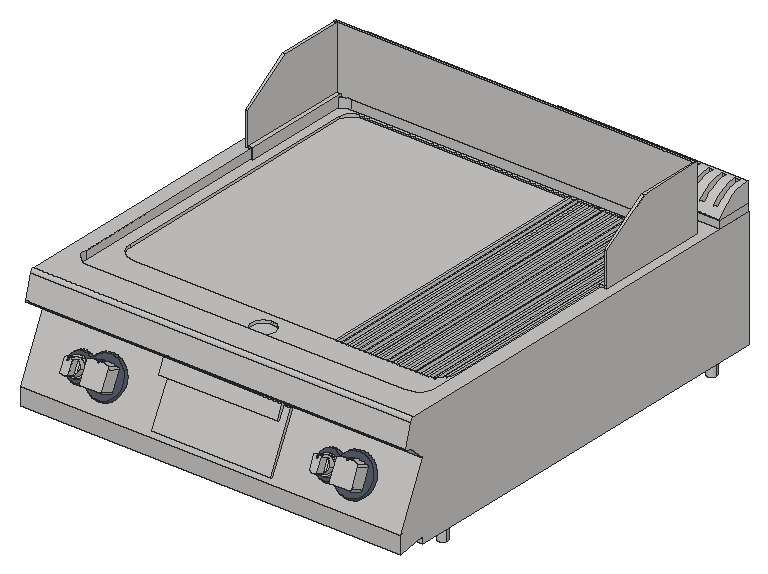
Revit family "QF_ZANUSSI_392401_Z9IINAAOMEA", category Specialty Equipment, Revit 2018
Family settings
  Round Connector Dimension = Use Diameter
  Part Type = Normal
  Work Plane-Based = No
  Always vertical = Yes
  Cut with Voids When Loaded = No
  Shared = No
  Room Calculation Point = No
Parameters
  Width = 800 mm  # constant formula
  Weight in Pounds = 105  # constant formula
  Weight = 0.00 kg
  Watts = 0 W
  Volts = 0 V
  URL Manufacturer = "http://www.zanussiprofessional.com"
  URL Cutsheet = "www.electrolux.com/foodservice"
  URL = "http://www.zanussiprofessional.com"
  Type Mark [instance] = ""
  Steam Supply Size = 0"
  Steam Supply Minimum Pressure = 0.00 psi
  Steam Supply Maximum Pressure = 0.00 psi
  Steam Pounds per Hour = 0
  Status [instance] = ""
  Specification by User [instance] = ""
  Specification by Manufacturer = ""
  Show Logo [instance] = yes
  Show Clearance [instance] = yes
  Serial Number = ""
  Seismic Rating = ""
  SMACNA No = ""
  Revision Code [instance] = ""
  Refrigeration Suction Line Size = 0"
  Refrigeration Liquid Line Size = 0"
  Refrigerant Compressor Remote = yes
  Phase = 0
  Omniclass Number and Title = ""
  NAFEM Spec ID Number = ""
  Model = "Z9FTGHSP00"
  Mechanical Remarks [instance] = ""
  Mechanical Connection Type [instance] = ""
  Masterspec = ""
  Manufacturer = "Zanussi"
  Length Actual = 800 mm  # constant formula
  Item Number [instance] = "392051"
  Installed By [instance] = ""
  Identify Quantity as Lot [instance] = yes
  Hot Water Size = 0"
  Height Actual = 250 mm  # constant formula
  Height = 410 mm  # constant formula
  HP = "0 HP"
  Gas Size = 1/2"
  Gas RI Height [instance] = 0 mm
  Gas KW [instance] = 20
  Gas Input [instance] = 0.672036 Btu/h
  Gas Connection Height = 0 mm
  Furnished By [instance] = ""
  Foodservice Equipment Identifier [instance] = yes
  Direct Waste Size = 0"
  Description = "GAS FRYTOP SMOOTH+RIBB.SLOPED PL.800 MM"
  Depth Actual = 900 mm  # constant formula
  Depth = 915 mm  # constant formula
  Cycle = 0 Hz
  Condensate Return Size = 0"
  Compressed Air Volume = 0 GPM
  Compressed Air Size = 0"
  Compressed Air Pressure = 0.00 psi
  Cold Water Size = 0"
  CSI MasterFormat = ""
  CSI Master Format = ""
  Base Height [instance] = 24 mm  # constant formula
  Accessory = yes
Reference planes
  plane 1 "BACK": y = 0
  plane 2: z = 0
  plane 3 "LEFT": x = 0
  plane 4 "RIGHT": x = 800
  plane 5 "FRONT": y = -915
  plane 6 "TOP": z = 410
  plane 7 "Center Y": x = 400
  plane 8 "Center X": y = -457.5
  plane 9 "BASE": z = 24
  plane 10: y = -790
  plane 11: y = -82
  plane 12: x = 348
  plane 13: y = -1045
  plane 14: z = 274
  plane 15: y = -664
  plane 16: y = -346.873
  plane 17: y = -900
  plane 18: through (-6096, -854.982, 185.364) normal (0, -0.8956, 0.4448)
Forms (mm)
  Extrusion 1, solid, material "QF_Clearances", visible <- "Show Clearance", detail levels coarse
    sketch origin (0, 0, 0) x (1, 0, 0) y (0, 1, 0)
      loop
        line (0, -915) -> (0, 0) -> (800.05, 0) -> (800.05, -915) -> (900.069, -915) -> (900.069, 100.019) -> (-100.019, 100.019) -> (-100.019, -915) -> (0, -915)
    from 0 to 410
  Extrusion 2, solid, material "QF_Finishes_Stainless Steel"
    sketch origin (0, 0, 0) x (0, 1, 0) y (0, 0, 1)
      loop
        line (0, 24) -> (0, 274) -> (-879.358, 274)
        arc (-879.358, 274) -> (-884.643, 271.811) -> (-886.833, 266.526) r 7.474
        line (-886.833, 266.526) -> (-899.884, 221.011)
        arc (-899.884, 221.011) -> (-899.396, 218.379) -> (-897, 217.184) r 3
        line (-897, 217.184) -> (-886.802, 217.184) -> (-854.982, 185.364) -> (-915, 64.508) -> (-915, 29.508) -> (-858.645, 37.428)
        arc (-858.645, 37.428) -> (-856.101, 36.674) -> (-855, 34.259) r 3.2
        line (-855, 34.259) -> (-855, 24) -> (0, 24)
    from 0 to 800
  Extrusion 3, void
    sketch origin (0, -202.381, 275.4) x (-1, 0, 0) y (0, -1, 0)
      loop
        arc (-55.4, -88.381) -> (-37.439, -80.942) -> (-30, -62.981) r 25.4
        line (-30, -62.981) -> (-30, 578.98)
        arc (-30, 578.98) -> (-40.99, 605.513) -> (-67.523, 616.504) r 37.523
        line (-67.523, 616.504) -> (-732.477, 616.504)
        arc (-732.477, 616.504) -> (-759.01, 605.513) -> (-770, 578.98) r 37.523
        line (-770, 578.98) -> (-770, -62.981)
        arc (-770, -62.981) -> (-762.561, -80.942) -> (-744.6, -88.381) r 25.4
        line (-744.6, -88.381) -> (-55.4, -88.381)
    from 0 to -20
  Extrusion 4, solid, material "QF_Finishes_Stainless Steel"
    sketch origin (0, -200, 0) x (1, 0, 0) y (0, 1, 0)
      loop
        circle (11.112, 118) r 9.525
      loop
        circle (11.112, -590) r 9.525
      loop
        circle (788.887, 118) r 9.525
      loop
        circle (788.888, -590) r 9.525
    from 0 to 24
  Extrusion 5, solid, material "QF_Finishes_Stainless Steel"
    sketch origin (0, 0, 24) x (-1, 0, 0) y (0, 1, 0)
      loop
        circle (-748, -664) r 6.4
    from 0 to 18
  Extrusion 6, solid, material "QF_Finishes_Stainless Steel"
    sketch origin (0, 0, 0) x (0, -1, 0) y (0, 0, 1)
      loop
        line (74.012, 274) -> (74.012, 289) -> (0, 289) -> (0, 274) -> (74.012, 274)
    from 0 to -400.05
  Extrusion 7, solid, material "QF_Finishes_Stainless Steel"
    sketch origin (0, 0, 0) x (0, 1, 0) y (0, 0, 1)
      loop
        line (0, 289) -> (0, 331.913)
        arc (0, 331.913) -> (-42.275, 321.697) -> (-74.012, 291.959) r 85.267
        line (-74.012, 291.959) -> (-74.012, 289) -> (0, 289)
    from 0 to 400
  Extrusion 8, void
    sketch origin (0, 0, 273.238) x (-1, 0, 0) y (0, -1, 0)
      loop
        line (-13.453, 6.761) -> (-13.453, 62.911) -> (-22.749, 62.911) -> (-22.749, 6.761) -> (-13.453, 6.761)
    from 25.4 to 63.5
  Extrusion 9, void
    sketch origin (400.05, 0, 273.238) x (1, 0, 0) y (0, 1, 0)
      loop
        line (-13.503, -6.761) -> (-22.799, -6.761) -> (-22.799, -62.911) -> (-13.503, -62.911) -> (-13.503, -6.761)
    from 25.4 to 63.5
  Extrusion 10, void
    sketch origin (27.988, 0, 273.238) x (-1, 0, 0) y (0, -1, 0)
      loop
        line (-13.453, 6.761) -> (-13.453, 62.911) -> (-22.749, 62.911) -> (-22.749, 6.761) -> (-13.453, 6.761)
    from 25.4 to 63.5
  Extrusion 11, void
    sketch origin (55.977, 0, 273.238) x (-1, 0, 0) y (0, -1, 0)
      loop
        line (-13.453, 6.761) -> (-13.453, 62.911) -> (-22.749, 62.911) -> (-22.749, 6.761) -> (-13.453, 6.761)
    from 25.4 to 63.5
  Extrusion 12, void
    sketch origin (83.965, 0, 273.238) x (-1, 0, 0) y (0, -1, 0)
      loop
        line (-13.428, 6.761) -> (-13.428, 62.911) -> (-22.724, 62.911) -> (-22.724, 6.761) -> (-13.428, 6.761)
    from 25.4 to 63.5
  Extrusion 13, void
    sketch origin (111.953, 0, 273.238) x (-1, 0, 0) y (0, -1, 0)
      loop
        line (-13.428, 6.761) -> (-13.428, 62.911) -> (-22.724, 62.911) -> (-22.724, 6.761) -> (-13.428, 6.761)
    from 25.4 to 63.5
  Extrusion 14, void
    sketch origin (139.942, 0, 273.238) x (-1, 0, 0) y (0, -1, 0)
      loop
        line (-13.428, 6.761) -> (-13.428, 62.911) -> (-22.724, 62.911) -> (-22.724, 6.761) -> (-13.428, 6.761)
    from 25.4 to 63.5
  Extrusion 15, void
    sketch origin (167.93, 0, 273.238) x (-1, 0, 0) y (0, -1, 0)
      loop
        line (-13.428, 6.761) -> (-13.428, 62.911) -> (-22.724, 62.911) -> (-22.724, 6.761) -> (-13.428, 6.761)
    from 25.4 to 63.5
  Extrusion 16, void
    sketch origin (307.872, 0, 273.238) x (-1, 0, 0) y (0, -1, 0)
      loop
        line (-13.403, 6.761) -> (-13.403, 62.911) -> (-22.699, 62.911) -> (-22.699, 6.761) -> (-13.403, 6.761)
    from 25.4 to 63.5
  Extrusion 17, void
    sketch origin (335.86, 0, 273.238) x (-1, 0, 0) y (0, -1, 0)
      loop
        line (-13.403, 6.761) -> (-13.403, 62.911) -> (-22.699, 62.911) -> (-22.699, 6.761) -> (-13.403, 6.761)
    from 25.4 to 63.5
  Extrusion 18, void
    sketch origin (228.013, 0, 273.238) x (-1, 0, 0) y (0, -1, 0)
      loop
        line (-13.428, 6.761) -> (-13.428, 62.911) -> (-22.724, 62.911) -> (-22.724, 6.761) -> (-13.428, 6.761)
    from 25.4 to 63.5
  Extrusion 19, void
    sketch origin (256.002, 0, 273.238) x (-1, 0, 0) y (0, -1, 0)
      loop
        line (-13.428, 6.761) -> (-13.428, 62.911) -> (-22.724, 62.911) -> (-22.724, 6.761) -> (-13.428, 6.761)
    from 25.4 to 63.5
  Extrusion 20, void
    sketch origin (283.99, 0, 273.238) x (-1, 0, 0) y (0, -1, 0)
      loop
        line (-13.403, 6.761) -> (-13.403, 62.911) -> (-22.699, 62.911) -> (-22.699, 6.761) -> (-13.403, 6.761)
    from 25.4 to 63.5
  Extrusion 21, void
    sketch origin (200.025, 0, 273.238) x (-1, 0, 0) y (0, -1, 0)
      loop
        line (-13.428, 6.761) -> (-13.428, 62.911) -> (-22.724, 62.911) -> (-22.724, 6.761) -> (-13.428, 6.761)
    from 25.4 to 63.5
  Extrusion 22, void
    sketch origin (0, -202.381, 255.4) x (0, -1, 0) y (-1, 0, 0)
      loop
        arc (-57.619, -55) -> (-75.579, -62.439) -> (-83.019, -80.4) r 25.4
        line (-83.019, -80.4) -> (-83.019, -719.6)
        arc (-83.019, -719.6) -> (-75.579, -737.561) -> (-57.619, -745) r 25.4
        line (-57.619, -745) -> (493.98, -745)
        arc (493.98, -745) -> (520.513, -734.01) -> (531.504, -707.477) r 37.523
        line (531.504, -707.477) -> (531.504, -92.523)
        arc (531.504, -92.523) -> (520.513, -65.99) -> (493.98, -55) r 37.523
        line (493.98, -55) -> (-57.619, -55)
      loop
        circle (572.619, -400) r 25
    from 0 to 5
  Extrusion 23, void
    sketch origin (785, 0, 275) x (0, 0, -1) y (0, -1, 0)
      loop
        line (-70, 346.873) -> (-135, 346.873) -> (-135, 246.781) -> (-70, 346.873)
    from 0 to 12.7
  Extrusion 24, void
    sketch origin (25, 0, 292.959) x (0, 0, -1) y (0, -1, 0)
      loop
        line (-52.041, 346.873) -> (-117.041, 346.873) -> (-117.041, 246.781) -> (-52.041, 346.873)
    from 0 to 12.7
  Extrusion 25, solid, material "QF_Finishes_Stainless Steel"
    sketch origin (0, -110, 275) x (0, 0, -1) y (-1, 0, 0)
      loop
        line (-135, -20) -> (-135, -780) -> (1, -780) -> (1, -20) -> (-135, -20)
    from 0 to -5
  Extrusion 26, solid, material "QF_Finishes_Stainless Steel"
    sketch origin (800, 0, 0) x (0, -1, 0) y (0, 0, -1)
      loop
        line (74.012, -274) -> (0, -274) -> (0, -289) -> (74.012, -289) -> (74.012, -274)
    from 0 to -400.05
  Extrusion 27, solid, material "QF_Finishes_Stainless Steel"
    sketch origin (800, 0, 0) x (0, 1, 0) y (0, 0, -1)
      loop
        line (0, -289) -> (-74.012, -289) -> (-74.012, -291.959)
        arc (-74.012, -291.959) -> (-42.486, -322.301) -> (0, -332.762) r 84.334
        line (0, -332.762) -> (0, -289)
    from 0 to 400
  Extrusion 28, void
    sketch origin (800, 0, 273.238) x (1, 0, 0) y (0, 1, 0)
      loop
        line (-13.453, -6.761) -> (-22.749, -6.761) -> (-22.749, -62.911) -> (-13.453, -62.911) -> (-13.453, -6.761)
    from 25.4 to 63.5
  Extrusion 29, void
    sketch origin (399.95, 0, 273.238) x (-1, 0, 0) y (0, -1, 0)
      loop
        line (-13.503, 6.761) -> (-13.503, 62.911) -> (-22.799, 62.911) -> (-22.799, 6.761) -> (-13.503, 6.761)
    from 25.4 to 63.5
  Extrusion 30, void
    sketch origin (772.012, 0, 273.238) x (1, 0, 0) y (0, 1, 0)
      loop
        line (-13.453, -6.761) -> (-22.749, -6.761) -> (-22.749, -62.911) -> (-13.453, -62.911) -> (-13.453, -6.761)
    from 25.4 to 63.5
  Extrusion 31, void
    sketch origin (744.023, 0, 273.238) x (1, 0, 0) y (0, 1, 0)
      loop
        line (-13.453, -6.761) -> (-22.749, -6.761) -> (-22.749, -62.911) -> (-13.453, -62.911) -> (-13.453, -6.761)
    from 25.4 to 63.5
  Extrusion 32, void
    sketch origin (716.035, 0, 273.238) x (1, 0, 0) y (0, 1, 0)
      loop
        line (-13.428, -6.761) -> (-22.724, -6.761) -> (-22.724, -62.911) -> (-13.428, -62.911) -> (-13.428, -6.761)
    from 25.4 to 63.5
  Extrusion 33, void
    sketch origin (688.047, 0, 273.238) x (1, 0, 0) y (0, 1, 0)
      loop
        line (-13.428, -6.761) -> (-22.724, -6.761) -> (-22.724, -62.911) -> (-13.428, -62.911) -> (-13.428, -6.761)
    from 25.4 to 63.5
  Extrusion 34, void
    sketch origin (660.058, 0, 273.238) x (1, 0, 0) y (0, 1, 0)
      loop
        line (-13.428, -6.761) -> (-22.724, -6.761) -> (-22.724, -62.911) -> (-13.428, -62.911) -> (-13.428, -6.761)
    from 25.4 to 63.5
  Extrusion 35, void
    sketch origin (632.07, 0, 273.238) x (1, 0, 0) y (0, 1, 0)
      loop
        line (-13.428, -6.761) -> (-22.724, -6.761) -> (-22.724, -62.911) -> (-13.428, -62.911) -> (-13.428, -6.761)
    from 25.4 to 63.5
  Extrusion 36, void
    sketch origin (492.128, 0, 273.238) x (1, 0, 0) y (0, 1, 0)
      loop
        line (-13.403, -6.761) -> (-22.699, -6.761) -> (-22.699, -62.911) -> (-13.403, -62.911) -> (-13.403, -6.761)
    from 25.4 to 63.5
  Extrusion 37, void
    sketch origin (464.14, 0, 273.238) x (1, 0, 0) y (0, 1, 0)
      loop
        line (-13.403, -6.761) -> (-22.699, -6.761) -> (-22.699, -62.911) -> (-13.403, -62.911) -> (-13.403, -6.761)
    from 25.4 to 63.5
  Extrusion 38, void
    sketch origin (571.987, 0, 273.238) x (1, 0, 0) y (0, 1, 0)
      loop
        line (-13.428, -6.761) -> (-22.724, -6.761) -> (-22.724, -62.911) -> (-13.428, -62.911) -> (-13.428, -6.761)
    from 25.4 to 63.5
  Extrusion 39, void
    sketch origin (543.998, 0, 273.238) x (1, 0, 0) y (0, 1, 0)
      loop
        line (-13.428, -6.761) -> (-22.724, -6.761) -> (-22.724, -62.911) -> (-13.428, -62.911) -> (-13.428, -6.761)
    from 25.4 to 63.5
  Extrusion 40, void
    sketch origin (516.01, 0, 273.238) x (1, 0, 0) y (0, 1, 0)
      loop
        line (-13.403, -6.761) -> (-22.699, -6.761) -> (-22.699, -62.911) -> (-13.403, -62.911) -> (-13.403, -6.761)
    from 25.4 to 63.5
  Extrusion 41, void
    sketch origin (599.975, 0, 273.238) x (1, 0, 0) y (0, 1, 0)
      loop
        line (-13.428, -6.761) -> (-22.724, -6.761) -> (-22.724, -62.911) -> (-13.428, -62.911) -> (-13.428, -6.761)
    from 25.4 to 63.5
  Extrusion 42, solid, material "QF_Finishes_Stainless Steel"
    sketch origin (0, 0, 274) x (0, 0, -1) y (-1, 0, 0)
      loop
        line (19.6, -30) -> (0, -30) -> (0, -20) -> (-135, -20) -> (-135, -25) -> (-5, -25) -> (-5, -35) -> (19.6, -35) -> (19.6, -30)
      loop
        line (19.6, -770) -> (19.6, -765) -> (-5, -765) -> (-5, -775) -> (-135, -775) -> (-135, -780) -> (0, -780) -> (0, -770) -> (19.6, -770)
    from -110 to -346.873
  Blend 43, solid, material "QF_Finishes_Navy Blue"
    base sketch origin (156.419, -884.991, 124.936) x (1, 0, 0) y (0, 0.444781, 0.895639)
      loop
        arc (-35.05, -24.037) -> (42.5, 0) -> (-35.05, 24.037) r 42.5
        arc (-35.05, 24.037) -> (-83, 0) -> (-35.05, -24.037) r 30
    top sketch origin (156.419, -884.991, 124.936) x (1, 0, 0) y (0, 0.444781, 0.895639)
      loop
        arc (-34.578, -21.086) -> (40.5, 0) -> (-34.578, 21.086) r 40.5
        arc (-34.578, 21.086) -> (-81, 0) -> (-34.578, -21.086) r 28
    from 0 to 5
  Extrusion 44, solid, material "QF_Finishes_Stainless Steel"
    sketch origin (-76.081, -884.991, 124.936) x (1, 0, 0) y (0, 0.444781, 0.895639)
      loop
        circle (177.499, -0.341) r 20
    from 5 to 10
  Extrusion 45, solid, material "QF_Finishes_Stainless Steel"
    sketch origin (-76.081, -884.991, 124.936) x (1, 0, 0) y (0, 0.444781, 0.895639)
      loop
        arc (211.353, 22.789) -> (210.006, 21.685) -> (209.5, 20.019) r 2.997
        line (209.5, 20.019) -> (209.5, -20.019)
        arc (209.5, -20.019) -> (210.378, -22.138) -> (212.497, -23.016) r 2.997
        line (212.497, -23.016) -> (252.503, -23.016)
        arc (252.503, -23.016) -> (254.622, -22.138) -> (255.5, -20.019) r 2.997
        line (255.5, -20.019) -> (255.5, 20.019)
        arc (255.5, 20.019) -> (254.994, 21.685) -> (253.647, 22.789) r 2.997
        arc (253.647, 22.789) -> (232.5, 26.984) -> (211.353, 22.789) r 55.4
    from 5 to 34
  Extrusion 46, solid, material "QF_Finishes_Stainless Steel"
    sketch origin (-76.081, -884.991, 124.936) x (1, 0, 0) y (0, 0.444781, 0.895639)
      loop
        circle (177.499, -0.341) r 16
    from 10 to 40
  Extrusion 47, void
    sketch origin (156.419, -884.991, 124.936) x (1, 0, 0) y (0, -0.895639, 0.444781)
      loop
        line (-62.999, 24.837) -> (-62.999, 40) -> (-71.893, 40) -> (-71.893, 22) -> (-65.835, 22)
        arc (-65.835, 22) -> (-63.827, 22.828) -> (-62.999, 24.837) r 2.827
      loop
        arc (-47.003, 24.837) -> (-46.175, 22.828) -> (-44.167, 22) r 2.827
        line (-44.167, 22) -> (-38.109, 22) -> (-38.109, 40) -> (-47.003, 40) -> (-47.003, 24.837)
    from -20.019 to 20.019
  Extrusion 48, solid, material "QF_Plastic-Black-Matte"
    sketch origin (213.919, -884.991, 124.936) x (0, 0.444781, 0.895639) y (0, -0.895639, 0.444781)
      loop
        line (26.984, 34) -> (26.984, 19) -> (27.984, 19) -> (27.984, 34)
        arc (27.984, 34) -> (27.691, 34.707) -> (26.984, 35) r 1
        line (26.984, 35) -> (23.984, 35) -> (23.984, 34) -> (26.984, 34)
    from -58.5 to -56.5
  Extrusion 49, solid, material "QF_Plastic-Black-Matte"
    sketch origin (101.418, -1018.425, -143.756) x (0, -0.444781, -0.895639) y (0, -0.895639, 0.444781)
      loop
        line (-310.284, 39.984) -> (-310.284, 40.984) -> (-312.9, 40.984)
        arc (-312.9, 40.984) -> (-315.562, 39.882) -> (-316.664, 37.22) r 3.764
        line (-316.664, 37.22) -> (-316.664, 25.027) -> (-315.664, 25.027) -> (-315.664, 37.22)
        arc (-315.664, 37.22) -> (-314.855, 39.175) -> (-312.9, 39.984) r 2.764
        line (-312.9, 39.984) -> (-310.284, 39.984)
    from 1 to -1
  Extrusion 50, solid, material "QF_Finishes_Stainless Steel"
    sketch origin (335, -214.132, -0.464) x (0, 1, 0) y (0, 0, 1)
      loop
        line (-640.85, 185.828) -> (-659.988, 204.966)
        arc (-659.988, 204.966) -> (-664.455, 206.368) -> (-668.159, 203.504) r 5.058
        line (-668.159, 203.504) -> (-680.821, 175.994) -> (-677.937, 174.666) -> (-665.275, 202.176)
        arc (-665.275, 202.176) -> (-663.896, 203.243) -> (-662.233, 202.721) r 1.883
        line (-662.233, 202.721) -> (-644.727, 185.215) -> (-698.248, 77.444) -> (-695.339, 76.105) -> (-640.85, 185.828)
    from -60 to 190
  Extrusion 51, solid, material "QF_Finishes_Drawer Clearance", visible <- "Show Clearance", detail levels coarse
    sketch origin (335, -315.732, -0.464) x (0, 1, 0) y (0, 0, 1)
      loop
        line (-726.181, 76.105) -> (-593.739, 76.105) -> (-539.25, 185.828) -> (-558.388, 204.966)
        arc (-558.388, 204.966) -> (-560.449, 206.215) -> (-562.855, 206.368) r 5.058
        line (-562.855, 206.368) -> (-695.296, 206.368)
        arc (-695.296, 206.368) -> (-697.5, 205.39) -> (-699, 203.504) r 5.058
        line (-699, 203.504) -> (-711.662, 175.994) -> (-708.778, 174.666) -> (-696.116, 202.176)
        arc (-696.116, 202.176) -> (-694.737, 203.243) -> (-693.074, 202.721) r 1.883
        line (-693.074, 202.721) -> (-675.569, 185.215) -> (-729.089, 77.444) -> (-726.181, 76.105)
    from -65 to 195
  Blend 52, solid, material "QF_Finishes_Navy Blue"
    base sketch origin (681.419, -884.991, 124.936) x (1, 0, 0) y (0, 0.444781, 0.895639)
      loop
        arc (-35.05, -24.037) -> (42.5, 0) -> (-35.05, 24.037) r 42.5
        arc (-35.05, 24.037) -> (-83, 0) -> (-35.05, -24.037) r 30
    top sketch origin (681.419, -884.991, 124.936) x (1, 0, 0) y (0, 0.444781, 0.895639)
      loop
        arc (-34.578, -21.086) -> (40.5, 0) -> (-34.578, 21.086) r 40.5
        arc (-34.578, 21.086) -> (-81, 0) -> (-34.578, -21.086) r 28
    from 0 to 5
  Extrusion 53, solid, material "QF_Finishes_Stainless Steel"
    sketch origin (448.919, -884.991, 124.936) x (1, 0, 0) y (0, 0.444781, 0.895639)
      loop
        circle (177.499, -0.341) r 20
    from 5 to 10
  Extrusion 54, solid, material "QF_Finishes_Stainless Steel"
    sketch origin (448.919, -884.991, 124.936) x (1, 0, 0) y (0, 0.444781, 0.895639)
      loop
        arc (211.353, 22.789) -> (210.006, 21.685) -> (209.5, 20.019) r 2.997
        line (209.5, 20.019) -> (209.5, -20.019)
        arc (209.5, -20.019) -> (210.378, -22.138) -> (212.497, -23.016) r 2.997
        line (212.497, -23.016) -> (252.503, -23.016)
        arc (252.503, -23.016) -> (254.622, -22.138) -> (255.5, -20.019) r 2.997
        line (255.5, -20.019) -> (255.5, 20.019)
        arc (255.5, 20.019) -> (254.994, 21.685) -> (253.647, 22.789) r 2.997
        arc (253.647, 22.789) -> (232.5, 26.984) -> (211.353, 22.789) r 55.4
    from 5 to 34
  Extrusion 55, solid, material "QF_Finishes_Stainless Steel"
    sketch origin (448.919, -884.991, 124.936) x (1, 0, 0) y (0, 0.444781, 0.895639)
      loop
        circle (177.499, -0.341) r 16
    from 10 to 40
  Extrusion 56, void
    sketch origin (681.419, -884.991, 124.936) x (1, 0, 0) y (0, -0.895639, 0.444781)
      loop
        line (-62.999, 24.837) -> (-62.999, 40) -> (-71.893, 40) -> (-71.893, 22) -> (-65.835, 22)
        arc (-65.835, 22) -> (-63.827, 22.828) -> (-62.999, 24.837) r 2.827
      loop
        arc (-47.003, 24.837) -> (-46.175, 22.828) -> (-44.167, 22) r 2.827
        line (-44.167, 22) -> (-38.109, 22) -> (-38.109, 40) -> (-47.003, 40) -> (-47.003, 24.837)
    from -20.019 to 20.019
  Extrusion 57, solid, material "QF_Plastic-Black-Matte"
    sketch origin (738.919, -884.991, 124.936) x (0, 0.444781, 0.895639) y (0, -0.895639, 0.444781)
      loop
        line (26.984, 34) -> (26.984, 19) -> (27.984, 19) -> (27.984, 34)
        arc (27.984, 34) -> (27.691, 34.707) -> (26.984, 35) r 1
        line (26.984, 35) -> (23.984, 35) -> (23.984, 34) -> (26.984, 34)
    from -58.5 to -56.5
  Extrusion 58, solid, material "QF_Plastic-Black-Matte"
    sketch origin (626.418, -1018.425, -143.756) x (0, -0.444781, -0.895639) y (0, -0.895639, 0.444781)
      loop
        line (-310.284, 39.984) -> (-310.284, 40.984) -> (-312.9, 40.984)
        arc (-312.9, 40.984) -> (-315.562, 39.882) -> (-316.664, 37.22) r 3.764
        line (-316.664, 37.22) -> (-316.664, 25.027) -> (-315.664, 25.027) -> (-315.664, 37.22)
        arc (-315.664, 37.22) -> (-314.855, 39.175) -> (-312.9, 39.984) r 2.764
        line (-312.9, 39.984) -> (-310.284, 39.984)
    from 1 to -1
  Extrusion 59, solid, material "QF_Finishes_Stainless Steel"
    sketch origin (398.5, -712.772, 32.49) x (0, 0, 1) y (-1, 0, 0)
      loop
        line (217.91, -119) -> (217.91, -125) -> (222.81, -124.02) -> (222.81, -119.98) -> (217.91, -119)
      loop
        line (217.91, -131) -> (217.91, -137) -> (222.81, -136.02) -> (222.81, -131.98) -> (217.91, -131)
      loop
        line (217.91, -143) -> (217.91, -149) -> (222.81, -148.02) -> (222.81, -143.98) -> (217.91, -143)
      loop
        line (217.91, -155) -> (217.91, -161) -> (222.81, -160.02) -> (222.81, -155.98) -> (217.91, -155)
      loop
        line (217.91, -167) -> (217.91, -173) -> (222.81, -172.02) -> (222.81, -167.98) -> (217.91, -167)
      loop
        line (217.91, -179) -> (217.91, -185) -> (222.81, -184.02) -> (222.81, -179.98) -> (217.91, -179)
      loop
        line (217.91, -191) -> (217.91, -197) -> (222.81, -196.02) -> (222.81, -191.98) -> (217.91, -191)
      loop
        line (217.91, -203) -> (217.91, -209) -> (222.81, -208.02) -> (222.81, -203.98) -> (217.91, -203)
      loop
        line (217.91, -317) -> (222.81, -316.02) -> (222.81, -311.98) -> (217.91, -311) -> (217.91, -317)
      loop
        line (217.91, -305) -> (222.81, -304.02) -> (222.81, -299.98) -> (217.91, -299) -> (217.91, -305)
      loop
        line (217.91, -293) -> (222.81, -292.02) -> (222.81, -287.98) -> (217.91, -287) -> (217.91, -293)
      loop
        line (217.91, -281) -> (222.81, -280.02) -> (222.81, -275.98) -> (217.91, -275) -> (217.91, -281)
      loop
        line (217.91, -269) -> (222.81, -268.02) -> (222.81, -263.98) -> (217.91, -263) -> (217.91, -269)
      loop
        line (217.91, -257) -> (222.81, -256.02) -> (222.81, -251.98) -> (217.91, -251) -> (217.91, -257)
      loop
        line (217.91, -245) -> (222.81, -244.02) -> (222.81, -239.98) -> (217.91, -239) -> (217.91, -245)
      loop
        line (217.91, -233) -> (222.81, -232.02) -> (222.81, -227.98) -> (217.91, -227) -> (217.91, -233)
      loop
        line (217.91, -221) -> (222.81, -220.02) -> (222.81, -215.98) -> (217.91, -215) -> (217.91, -221)
    from 21.113 to -593.409
  Extrusion 60, solid, material "QF_Finishes_Stainless Steel"
    sketch origin (649, -713.772, 32.49) x (0, 0, 1) y (-1, 0, 0)
      loop
        line (217.91, -72.5) -> (217.91, -78.5) -> (222.81, -77.52) -> (222.81, -73.48) -> (217.91, -72.5)
    from -591.963 to 17.797
  Extrusion 61, solid, material "QF_Finishes_Stainless Steel"
    sketch origin (661, -713.772, 32.49) x (0, 0, 1) y (-1, 0, 0)
      loop
        line (217.91, -72.5) -> (217.91, -78.5) -> (222.81, -77.52) -> (222.81, -73.48) -> (217.91, -72.5)
    from -583.428 to 7.677
Cuts and joins
  Extrusion 3, Extrusion 22 cuts Extrusion 2
  Extrusion 3 cuts Extrusion 25
  Extrusion 23, Extrusion 24 cuts Extrusion 42
  joined: Extrusion 2, Extrusion 25, Extrusion 42
  Extrusion 8, Extrusion 9, Extrusion 10, Extrusion 11, Extrusion 12, Extrusion 13, Extrusion 14, Extrusion 15, Extrusion 16, Extrusion 17, Extrusion 18, Extrusion 19, Extrusion 20, Extrusion 21, Extrusion 28, Extrusion 29, Extrusion 30, Extrusion 31, Extrusion 32, Extrusion 33, Extrusion 34, Extrusion 35, Extrusion 36, Extrusion 37, Extrusion 38, Extrusion 39, Extrusion 40, Extrusion 41 cuts Extrusion 7
  Extrusion 28, Extrusion 29, Extrusion 30, Extrusion 31, Extrusion 32, Extrusion 33, Extrusion 34, Extrusion 35, Extrusion 36, Extrusion 37, Extrusion 38, Extrusion 39, Extrusion 40, Extrusion 41 cuts Extrusion 27
  Extrusion 47, Extrusion 56 cuts Extrusion 46
  Extrusion 56 cuts Extrusion 55
Lines and regions (mm)
  Split face 1
    outline origin (156.419, -889.469, 127.16) x (1, 0, 0) y (0, 0.444781, 0.895639)
      loop
        circle (0, 33) r 1
  Split face 2
    outline origin (156.419, -889.469, 127.16) x (1, 0, 0) y (0, 0.444781, 0.895639)
      loop
        circle (-8.541, 31.876) r 1
  Split face 3
    outline origin (156.419, -889.469, 127.16) x (1, 0, 0) y (0, 0.444781, 0.895639)
      loop
        circle (-16.5, 28.579) r 1
  Split face 4
    outline origin (156.419, -889.469, 127.16) x (1, 0, 0) y (0, 0.444781, 0.895639)
      loop
        circle (-23.335, 23.335) r 1
  Split face 5
    outline origin (156.419, -889.469, 127.16) x (1, 0, 0) y (0, 0.444781, 0.895639)
      loop
        circle (-28.579, 16.5) r 1
  Split face 6
    outline origin (156.419, -889.469, 127.16) x (1, 0, 0) y (0, 0.444781, 0.895639)
      loop
        circle (-31.876, 8.541) r 1
  Split face 7
    outline origin (156.419, -889.469, 127.16) x (1, 0, 0) y (0, 0.444781, 0.895639)
      loop
        circle (-33, 0) r 1
  Split face 8
    outline origin (156.419, -889.469, 127.16) x (-1, 0, 0) y (0, 0.444781, 0.895639)
      loop
        circle (31.876, -8.541) r 1
  Split face 9
    outline origin (156.419, -889.469, 127.16) x (-1, 0, 0) y (0, 0.444781, 0.895639)
      loop
        circle (28.579, -16.5) r 1
  Split face 10
    outline origin (156.419, -889.469, 127.16) x (-1, 0, 0) y (0, 0.444781, 0.895639)
      loop
        circle (23.335, -23.335) r 1
  Split face 11
    outline origin (156.419, -889.469, 127.16) x (-1, 0, 0) y (0, 0.444781, 0.895639)
      loop
        circle (16.5, -28.579) r 1
  Split face 12
    outline origin (156.419, -889.469, 127.16) x (-1, 0, 0) y (0, 0.444781, 0.895639)
      loop
        circle (8.541, -31.876) r 1
  Split face 13
    outline origin (156.419, -889.469, 127.16) x (1, 0, 0) y (0, -0.444781, -0.895639)
      loop
        circle (33, 0) r 1
  Split face 14
    outline origin (156.419, -889.469, 127.16) x (1, 0, 0) y (0, -0.444781, -0.895639)
      loop
        circle (31.876, -8.541) r 1
  Split face 15
    outline origin (156.419, -889.469, 127.16) x (1, 0, 0) y (0, -0.444781, -0.895639)
      loop
        circle (28.579, -16.5) r 1
  Split face 16
    outline origin (156.419, -889.469, 127.16) x (1, 0, 0) y (0, -0.444781, -0.895639)
      loop
        circle (23.335, -23.335) r 1
  Split face 17
    outline origin (156.419, -889.469, 127.16) x (1, 0, 0) y (0, -0.444781, -0.895639)
      loop
        circle (16.5, -28.579) r 1
  Split face 18
    outline origin (156.419, -889.469, 127.16) x (1, 0, 0) y (0, -0.444781, -0.895639)
      loop
        circle (8.541, -31.876) r 1
  Split face 19
    outline origin (156.419, -889.469, 127.16) x (-1, 0, 0) y (0, -0.444781, -0.895639)
      loop
        circle (-8.541, 31.876) r 1
  Split face 20
    outline origin (156.419, -889.469, 127.16) x (-1, 0, 0) y (0, -0.444781, -0.895639)
      loop
        circle (-16.5, 28.579) r 1
  Split face 21
    outline origin (156.419, -889.469, 127.16) x (-1, 0, 0) y (0, -0.444781, -0.895639)
      loop
        circle (-23.335, 23.335) r 1
  Split face 22
    outline origin (156.419, -889.469, 127.16) x (-1, 0, 0) y (0, -0.444781, -0.895639)
      loop
        circle (-28.579, 16.5) r 1
  Split face 23
    outline origin (156.419, -889.469, 127.16) x (-1, 0, 0) y (0, -0.444781, -0.895639)
      loop
        circle (-31.876, 8.541) r 1
  Split face 24
    outline origin (156.419, -889.469, 127.16) x (1, 0, 0) y (0, 0.444781, 0.895639)
      loop
        circle (-55.001, 22) r 1.508
  Split face 25
    outline origin (157.545, -885.216, 135.725) x (1, 0, 0) y (0, 0.444781, 0.895639)
      loop
        circle (-77.001, 0) r 1.343
  Split face 26
    outline origin (156.419, -889.469, 127.16) x (1, 0, 0) y (0, 0.444781, 0.895639)
      loop
        line (-56.273, -20.786) -> (-56.273, -25.164) -> (-53.729, -25.164) -> (-53.729, -20.786) -> (-56.273, -20.786)
  Split face 27
    outline origin (156.419, -889.469, 127.16) x (1, 0, 0) y (0, 0.444781, 0.895639)
      loop
        line (-70.261, 16.732) -> (-67.433, 19.559) -> (-71.077, 17.548) -> (-70.261, 16.732)
  Split face 28
    outline origin (156.419, -889.469, 127.16) x (1, 0, 0) y (0, 0.444781, 0.895639)
      loop
        circle (0, -33) r 1
  Split face 29
    outline origin (681.419, -889.469, 127.16) x (1, 0, 0) y (0, 0.444781, 0.895639)
      loop
        circle (0, 33) r 1
  Split face 30
    outline origin (681.419, -889.469, 127.16) x (1, 0, 0) y (0, 0.444781, 0.895639)
      loop
        circle (-8.541, 31.876) r 1
  Split face 31
    outline origin (681.419, -889.469, 127.16) x (1, 0, 0) y (0, 0.444781, 0.895639)
      loop
        circle (-16.5, 28.579) r 1
  Split face 32
    outline origin (681.419, -889.469, 127.16) x (1, 0, 0) y (0, 0.444781, 0.895639)
      loop
        circle (-23.335, 23.335) r 1
  Split face 33
    outline origin (681.419, -889.469, 127.16) x (1, 0, 0) y (0, 0.444781, 0.895639)
      loop
        circle (-28.579, 16.5) r 1
  Split face 34
    outline origin (681.419, -889.469, 127.16) x (1, 0, 0) y (0, 0.444781, 0.895639)
      loop
        circle (-31.876, 8.541) r 1
  Split face 35
    outline origin (681.419, -889.469, 127.16) x (1, 0, 0) y (0, 0.444781, 0.895639)
      loop
        circle (-33, 0) r 1
  Split face 36
    outline origin (681.419, -889.469, 127.16) x (-1, 0, 0) y (0, 0.444781, 0.895639)
      loop
        circle (31.876, -8.541) r 1
  Split face 37
    outline origin (681.419, -889.469, 127.16) x (-1, 0, 0) y (0, 0.444781, 0.895639)
      loop
        circle (28.579, -16.5) r 1
  Split face 38
    outline origin (681.419, -889.469, 127.16) x (-1, 0, 0) y (0, 0.444781, 0.895639)
      loop
        circle (23.335, -23.335) r 1
  Split face 39
    outline origin (681.419, -889.469, 127.16) x (-1, 0, 0) y (0, 0.444781, 0.895639)
      loop
        circle (16.5, -28.579) r 1
  Split face 40
    outline origin (681.419, -889.469, 127.16) x (-1, 0, 0) y (0, 0.444781, 0.895639)
      loop
        circle (8.541, -31.876) r 1
  Split face 41
    outline origin (681.419, -889.469, 127.16) x (1, 0, 0) y (0, -0.444781, -0.895639)
      loop
        circle (33, 0) r 1
  Split face 42
    outline origin (681.419, -889.469, 127.16) x (1, 0, 0) y (0, -0.444781, -0.895639)
      loop
        circle (31.876, -8.541) r 1
  Split face 43
    outline origin (681.419, -889.469, 127.16) x (1, 0, 0) y (0, -0.444781, -0.895639)
      loop
        circle (28.579, -16.5) r 1
  Split face 44
    outline origin (681.419, -889.469, 127.16) x (1, 0, 0) y (0, -0.444781, -0.895639)
      loop
        circle (23.335, -23.335) r 1
  Split face 45
    outline origin (681.419, -889.469, 127.16) x (1, 0, 0) y (0, -0.444781, -0.895639)
      loop
        circle (16.5, -28.579) r 1
  Split face 46
    outline origin (681.419, -889.469, 127.16) x (1, 0, 0) y (0, -0.444781, -0.895639)
      loop
        circle (8.541, -31.876) r 1
  Split face 47
    outline origin (681.419, -889.469, 127.16) x (-1, 0, 0) y (0, -0.444781, -0.895639)
      loop
        circle (-8.541, 31.876) r 1
  Split face 48
    outline origin (681.419, -889.469, 127.16) x (-1, 0, 0) y (0, -0.444781, -0.895639)
      loop
        circle (-16.5, 28.579) r 1
  Split face 49
    outline origin (681.419, -889.469, 127.16) x (-1, 0, 0) y (0, -0.444781, -0.895639)
      loop
        circle (-23.335, 23.335) r 1
  Split face 50
    outline origin (681.419, -889.469, 127.16) x (-1, 0, 0) y (0, -0.444781, -0.895639)
      loop
        circle (-28.579, 16.5) r 1
  Split face 51
    outline origin (681.419, -889.469, 127.16) x (-1, 0, 0) y (0, -0.444781, -0.895639)
      loop
        circle (-31.876, 8.541) r 1
  Split face 52
    outline origin (681.419, -889.469, 127.16) x (1, 0, 0) y (0, 0.444781, 0.895639)
      loop
        circle (-55.001, 22) r 1.508
  Split face 53
    outline origin (682.545, -885.216, 135.725) x (1, 0, 0) y (0, 0.444781, 0.895639)
      loop
        circle (-77.001, 0) r 1.343
  Split face 54
    outline origin (681.419, -889.469, 127.16) x (1, 0, 0) y (0, 0.444781, 0.895639)
      loop
        line (-56.273, -20.786) -> (-56.273, -25.164) -> (-53.729, -25.164) -> (-53.729, -20.786) -> (-56.273, -20.786)
  Split face 55
    outline origin (681.419, -889.469, 127.16) x (1, 0, 0) y (0, 0.444781, 0.895639)
      loop
        line (-70.261, 16.732) -> (-67.433, 19.559) -> (-71.077, 17.548) -> (-70.261, 16.732)
  Split face 56
    outline origin (681.419, -889.469, 127.16) x (1, 0, 0) y (0, 0.444781, 0.895639)
      loop
        circle (0, -33) r 1
  symbolic lines, style "QF_Clearances", visible <- "Show Clearance", detail levels coarse
    curve 1: line (-100.019, 100.019, 276.225) -> (-100.019, -915, 276.225)
    curve 2: line (900.069, 100.019, 276.225) -> (-100.019, 100.019, 276.225)
    curve 3: line (900.069, -915, 276.225) -> (900.069, 100.019, 276.225)
  symbolic lines
    curve 4: line (0, -74.012, 276.225) -> (800.05, -74.012, 276.225)
    curve 5: line (0, -915, 276.225) -> (0, 0, 276.225)
    curve 6: line (800.05, 0, 276.225) -> (800.05, -915, 276.225)
    curve 7: line (30, -346.873, 276.225) -> (30, -781.362, 276.225)
    curve 8: arc (30, -781.362, 276.225) -> (40.99, -807.895, 276.225) -> (67.523, -818.885, 276.225) r 37.523
    curve 9: arc (732.477, -818.885, 276.225) -> (759.01, -807.895, 276.225) -> (770, -781.362, 276.225) r 37.523
    curve 10: line (770, -781.362, 276.225) -> (770, -346.873, 276.225)
    curve 11: line (67.523, -818.885, 276.225) -> (732.477, -818.885, 276.225)
    curve 15: line (0, 0, 276.225) -> (800.05, 0, 276.225)
    curve 16: line (22.749, -6.761, 276.225) -> (22.749, -62.911, 276.225)
    curve 17: line (22.749, -62.911, 276.225) -> (13.453, -62.911, 276.225)
    curve 18: line (13.453, -62.911, 276.225) -> (13.453, -6.761, 276.225)
    curve 19: line (13.453, -6.761, 276.225) -> (22.749, -6.761, 276.225)
    curve 20: line (50.737, -6.761, 276.225) -> (50.737, -62.911, 276.225)
    curve 21: line (50.737, -62.911, 276.225) -> (41.441, -62.911, 276.225)
    curve 22: line (41.441, -62.911, 276.225) -> (41.441, -6.761, 276.225)
    curve 23: line (41.441, -6.761, 276.225) -> (50.737, -6.761, 276.225)
    curve 24: line (78.725, -6.761, 276.225) -> (78.725, -62.911, 276.225)
    curve 25: line (78.725, -62.911, 276.225) -> (69.43, -62.911, 276.225)
    curve 26: line (69.43, -62.911, 276.225) -> (69.43, -6.761, 276.225)
    curve 27: line (69.43, -6.761, 276.225) -> (78.725, -6.761, 276.225)
    curve 28: line (106.689, -6.761, 276.225) -> (106.689, -62.911, 276.225)
    curve 29: line (106.689, -62.911, 276.225) -> (97.393, -62.911, 276.225)
    curve 30: line (97.393, -62.911, 276.225) -> (97.393, -6.761, 276.225)
    curve 31: line (97.393, -6.761, 276.225) -> (106.689, -6.761, 276.225)
    curve 32: line (134.677, -6.761, 276.225) -> (134.677, -62.911, 276.225)
    curve 33: line (134.677, -62.911, 276.225) -> (125.381, -62.911, 276.225)
    curve 34: line (125.381, -62.911, 276.225) -> (125.381, -6.761, 276.225)
    curve 35: line (125.381, -6.761, 276.225) -> (134.677, -6.761, 276.225)
    curve 36: line (162.665, -6.761, 276.225) -> (162.665, -62.911, 276.225)
    curve 37: line (162.665, -62.911, 276.225) -> (153.37, -62.911, 276.225)
    curve 38: line (153.37, -62.911, 276.225) -> (153.37, -6.761, 276.225)
    curve 39: line (153.37, -6.761, 276.225) -> (162.665, -6.761, 276.225)
    curve 40: line (190.654, -6.761, 276.225) -> (190.654, -62.911, 276.225)
    curve 41: line (190.654, -62.911, 276.225) -> (181.358, -62.911, 276.225)
    curve 42: line (181.358, -62.911, 276.225) -> (181.358, -6.761, 276.225)
    curve 43: line (181.358, -6.761, 276.225) -> (190.654, -6.761, 276.225)
    curve 44: line (222.749, -6.761, 276.225) -> (222.749, -62.911, 276.225)
    curve 45: line (222.749, -62.911, 276.225) -> (213.453, -62.911, 276.225)
    curve 46: line (213.453, -62.911, 276.225) -> (213.453, -6.761, 276.225)
    curve 47: line (213.453, -6.761, 276.225) -> (222.749, -6.761, 276.225)
    curve 48: line (250.737, -6.761, 276.225) -> (250.737, -62.911, 276.225)
    curve 49: line (250.737, -62.911, 276.225) -> (241.441, -62.911, 276.225)
    curve 50: line (241.441, -62.911, 276.225) -> (241.441, -6.761, 276.225)
    curve 51: line (241.441, -6.761, 276.225) -> (250.737, -6.761, 276.225)
    curve 52: line (278.725, -6.761, 276.225) -> (278.725, -62.911, 276.225)
    curve 53: line (278.725, -62.911, 276.225) -> (269.43, -62.911, 276.225)
    curve 54: line (269.43, -62.911, 276.225) -> (269.43, -6.761, 276.225)
    curve 55: line (269.43, -6.761, 276.225) -> (278.725, -6.761, 276.225)
    curve 56: line (306.689, -6.761, 276.225) -> (306.689, -62.911, 276.225)
    curve 57: line (306.689, -62.911, 276.225) -> (297.393, -62.911, 276.225)
    curve 58: line (297.393, -62.911, 276.225) -> (297.393, -6.761, 276.225)
    curve 59: line (297.393, -6.761, 276.225) -> (306.689, -6.761, 276.225)
    curve 60: line (330.57, -6.761, 276.225) -> (330.57, -62.911, 276.225)
    curve 61: line (330.57, -62.911, 276.225) -> (321.275, -62.911, 276.225)
    curve 62: line (321.275, -62.911, 276.225) -> (321.275, -6.761, 276.225)
    curve 63: line (321.275, -6.761, 276.225) -> (330.57, -6.761, 276.225)
    curve 64: line (358.559, -6.761, 276.225) -> (358.559, -62.911, 276.225)
    curve 65: line (358.559, -62.911, 276.225) -> (349.263, -62.911, 276.225)
    curve 66: line (349.263, -62.911, 276.225) -> (349.263, -6.761, 276.225)
    curve 67: line (349.263, -6.761, 276.225) -> (358.559, -6.761, 276.225)
    curve 68: line (386.547, -6.761, 276.225) -> (386.547, -62.911, 276.225)
    curve 69: line (386.547, -62.911, 276.225) -> (377.251, -62.911, 276.225)
    curve 70: line (377.251, -62.911, 276.225) -> (377.251, -6.761, 276.225)
    curve 71: line (377.251, -6.761, 276.225) -> (386.547, -6.761, 276.225)
    curve 72: line (20, -109, 276.225) -> (20, -346.873, 276.225)
    curve 73: line (785, -109, 276.225) -> (20, -109, 276.225)
    curve 74: line (785, -346.873, 276.225) -> (785, -109, 276.225)
    curve 75: line (20, -346.873, 276.225) -> (35, -346.873, 276.225)
    curve 76: line (765, -346.873, 276.225) -> (785, -346.873, 276.225)
    curve 77: arc (55, -144.762, 276.225) -> (62.439, -126.802, 276.225) -> (80.4, -119.362, 276.225) r 25.4
    curve 78: line (80.4, -119.362, 276.225) -> (719.6, -119.362, 276.225)
    curve 79: arc (719.6, -119.362, 276.225) -> (737.561, -126.802, 276.225) -> (745, -144.762, 276.225) r 25.4
    curve 80: line (745, -144.762, 276.225) -> (745, -696.362, 276.225)
    curve 81: arc (745, -696.362, 276.225) -> (734.01, -722.895, 276.225) -> (707.477, -733.885, 276.225) r 37.523
    curve 82: line (707.477, -733.885, 276.225) -> (92.523, -733.885, 276.225)
    curve 83: arc (92.523, -733.885, 276.225) -> (65.99, -722.895, 276.225) -> (55, -696.362, 276.225) r 37.523
    curve 84: line (55, -696.362, 276.225) -> (55, -144.762, 276.225)
    curve 85: line (765, -346.873, 276.225) -> (765, -114, 276.225)
    curve 86: line (780, -114, 276.225) -> (780, -346.873, 276.225)
    curve 87: line (35, -346.873, 276.225) -> (35, -114, 276.225)
    curve 88: line (25, -346.873, 276.225) -> (25, -114, 276.225)
    curve 89: line (35, -114, 276.225) -> (780, -114, 276.225)
    curve 90: arc (765, -124.267, 276.225) -> (756.019, -116.712, 276.225) -> (744.6, -114, 276.225) r 25.4
    curve 91: arc (55.4, -114, 276.225) -> (43.981, -116.712, 276.225) -> (35, -124.267, 276.225) r 25.4
    curve 92: line (777.251, -6.761, 276.225) -> (777.251, -62.911, 276.225)
    curve 93: line (777.251, -62.911, 276.225) -> (786.547, -62.911, 276.225)
    curve 94: line (786.547, -62.911, 276.225) -> (786.547, -6.761, 276.225)
    curve 95: line (786.547, -6.761, 276.225) -> (777.251, -6.761, 276.225)
    curve 96: line (749.263, -6.761, 276.225) -> (749.263, -62.911, 276.225)
    curve 97: line (749.263, -62.911, 276.225) -> (758.559, -62.911, 276.225)
    curve 98: line (758.559, -62.911, 276.225) -> (758.559, -6.761, 276.225)
    curve 99: line (758.559, -6.761, 276.225) -> (749.263, -6.761, 276.225)
    curve 100: line (721.275, -6.761, 276.225) -> (721.275, -62.911, 276.225)
    curve 101: line (721.275, -62.911, 276.225) -> (730.57, -62.911, 276.225)
    curve 102: line (730.57, -62.911, 276.225) -> (730.57, -6.761, 276.225)
    curve 103: line (730.57, -6.761, 276.225) -> (721.275, -6.761, 276.225)
    curve 104: line (693.311, -6.761, 276.225) -> (693.311, -62.911, 276.225)
    curve 105: line (693.311, -62.911, 276.225) -> (702.607, -62.911, 276.225)
    curve 106: line (702.607, -62.911, 276.225) -> (702.607, -6.761, 276.225)
    curve 107: line (702.607, -6.761, 276.225) -> (693.311, -6.761, 276.225)
    curve 108: line (665.323, -6.761, 276.225) -> (665.323, -62.911, 276.225)
    curve 109: line (665.323, -62.911, 276.225) -> (674.619, -62.911, 276.225)
    curve 110: line (674.619, -62.911, 276.225) -> (674.619, -6.761, 276.225)
    curve 111: line (674.619, -6.761, 276.225) -> (665.323, -6.761, 276.225)
    curve 112: line (637.335, -6.761, 276.225) -> (637.335, -62.911, 276.225)
    curve 113: line (637.335, -62.911, 276.225) -> (646.63, -62.911, 276.225)
    curve 114: line (646.63, -62.911, 276.225) -> (646.63, -6.761, 276.225)
    curve 115: line (646.63, -6.761, 276.225) -> (637.335, -6.761, 276.225)
    curve 116: line (609.346, -6.761, 276.225) -> (609.346, -62.911, 276.225)
    curve 117: line (609.346, -62.911, 276.225) -> (618.642, -62.911, 276.225)
    curve 118: line (618.642, -62.911, 276.225) -> (618.642, -6.761, 276.225)
    curve 119: line (618.642, -6.761, 276.225) -> (609.346, -6.761, 276.225)
    curve 120: line (577.251, -6.761, 276.225) -> (577.251, -62.911, 276.225)
    curve 121: line (577.251, -62.911, 276.225) -> (586.547, -62.911, 276.225)
    curve 122: line (586.547, -62.911, 276.225) -> (586.547, -6.761, 276.225)
    curve 123: line (586.547, -6.761, 276.225) -> (577.251, -6.761, 276.225)
    curve 124: line (549.263, -6.761, 276.225) -> (549.263, -62.911, 276.225)
    curve 125: line (549.263, -62.911, 276.225) -> (558.559, -62.911, 276.225)
    curve 126: line (558.559, -62.911, 276.225) -> (558.559, -6.761, 276.225)
    curve 127: line (558.559, -6.761, 276.225) -> (549.263, -6.761, 276.225)
    curve 128: line (521.275, -6.761, 276.225) -> (521.275, -62.911, 276.225)
    curve 129: line (521.275, -62.911, 276.225) -> (530.57, -62.911, 276.225)
    curve 130: line (530.57, -62.911, 276.225) -> (530.57, -6.761, 276.225)
    curve 131: line (530.57, -6.761, 276.225) -> (521.275, -6.761, 276.225)
    curve 132: line (493.311, -6.761, 276.225) -> (493.311, -62.911, 276.225)
    curve 133: line (493.311, -62.911, 276.225) -> (502.607, -62.911, 276.225)
    curve 134: line (502.607, -62.911, 276.225) -> (502.607, -6.761, 276.225)
    curve 135: line (502.607, -6.761, 276.225) -> (493.311, -6.761, 276.225)
    curve 136: line (469.43, -6.761, 276.225) -> (469.43, -62.911, 276.225)
    curve 137: line (469.43, -62.911, 276.225) -> (478.725, -62.911, 276.225)
    curve 138: line (478.725, -62.911, 276.225) -> (478.725, -6.761, 276.225)
    curve 139: line (478.725, -6.761, 276.225) -> (469.43, -6.761, 276.225)
    curve 140: line (441.441, -6.761, 276.225) -> (441.441, -62.911, 276.225)
    curve 141: line (441.441, -62.911, 276.225) -> (450.737, -62.911, 276.225)
    curve 142: line (450.737, -62.911, 276.225) -> (450.737, -6.761, 276.225)
    curve 143: line (450.737, -6.761, 276.225) -> (441.441, -6.761, 276.225)
    curve 144: line (413.453, -6.761, 276.225) -> (413.453, -62.911, 276.225)
    curve 145: line (413.453, -62.911, 276.225) -> (422.749, -62.911, 276.225)
    curve 146: line (422.749, -62.911, 276.225) -> (422.749, -6.761, 276.225)
    curve 147: line (422.749, -6.761, 276.225) -> (413.453, -6.761, 276.225)
    curve 148: arc (400, -750, 276.225) -> (425, -775, 276.225) -> (400, -800, 276.225) r 25
    curve 149: arc (400, -800, 276.225) -> (375, -775, 276.225) -> (400, -750, 276.225) r 25
    curve 150: line (133.419, -900, 0) -> (133.419, -924.347, 0)
    curve 151: arc (133.419, -924.347, 0) -> (133.566, -924.811, 0) -> (133.951, -925.107, 0) r 0.809
    curve 152: arc (133.951, -925.107, 0) -> (135.139, -925.587, 0) -> (136.417, -925.68, 0) r 4.127
    curve 153: arc (133.419, -904.292, 0) -> (128.378, -902.458, 0) -> (123.61, -900, 0) r 42.24
    curve 154: arc (133.419, -906.539, 0) -> (133.922, -905.818, 0) -> (134.719, -905.448, 0) r 1.682
    curve 155: arc (134.719, -905.448, 0) -> (145.021, -903.95, 0) -> (155.419, -903.441, 0) r 109.079
    curve 156: line (155.419, -900, 0) -> (155.419, -905.671, 0)
    curve 157: line (155.419, -905.671, 0) -> (157.419, -905.671, 0)
    curve 158: line (157.419, -905.671, 0) -> (157.419, -900, 0)
    curve 159: line (179.419, -900, 0) -> (179.419, -924.347, 0)
    curve 160: arc (179.419, -924.347, 0) -> (179.273, -924.811, 0) -> (178.887, -925.107, 0) r 0.809
    curve 161: arc (178.887, -925.107, 0) -> (177.7, -925.587, 0) -> (176.422, -925.68, 0) r 4.127
    curve 162: arc (179.419, -904.292, 0) -> (184.461, -902.458, 0) -> (189.229, -900, 0) r 42.24
    curve 163: arc (179.419, -906.539, 0) -> (178.917, -905.818, 0) -> (178.12, -905.448, 0) r 1.682
    curve 164: arc (178.12, -905.448, 0) -> (167.818, -903.95, 0) -> (157.419, -903.441, 0) r 109.079
    curve 165: line (136.417, -925.68, 0) -> (176.422, -925.68, 0)
    curve 166: line (93.421, -925.977, 908.9) -> (93.421, -901.224, 908.9)
    curve 167: line (109.416, -901.224, 908.9) -> (109.416, -925.977, 908.9)
    curve 168: spline (90.785, -910.164, 908.9) -> (89.296, -909.491, 908.9) -> (88.02, -908.737, 908.9) -> (86.98, -907.914, 908.9) -> (86.195, -907.037, 908.9) -> (85.677, -906.121, 908.9) -> (85.436, -905.183, 908.9) -> (85.477, -904.239, 908.9) -> (85.798, -903.306, 908.9) -> (86.393, -902.4, 908.9) -> (87.254, -901.537, 908.9) -> (88.363, -900.732, 908.9) -> (89.702, -900, 908.9)
    curve 169: spline (113.133, -900, 908.9) -> (114.477, -900.735, 908.9) -> (115.589, -901.543, 908.9) -> (116.451, -902.41, 908.9) -> (117.046, -903.319, 908.9) -> (117.365, -904.256, 908.9) -> (117.401, -905.204, 908.9) -> (117.154, -906.145, 908.9) -> (116.628, -907.063, 908.9) -> (115.833, -907.942, 908.9) -> (114.782, -908.766, 908.9) -> (113.495, -909.521, 908.9) -> (111.994, -910.193, 908.9)
    curve 170: spline (111.994, -910.193, 908.9) -> (111.713, -910.322, 908.9) -> (111.432, -910.487, 908.9) -> (111.154, -910.686, 908.9) -> (110.884, -910.917, 908.9) -> (110.626, -911.177, 908.9) -> (110.382, -911.461, 908.9) -> (110.157, -911.765, 908.9) -> (109.954, -912.085, 908.9) -> (109.777, -912.416, 908.9) -> (109.626, -912.754, 908.9) -> (109.505, -913.094, 908.9) -> (109.416, -913.43, 908.9)
    curve 171: spline (93.421, -913.341, 908.9) -> (93.348, -912.987, 908.9) -> (93.241, -912.634, 908.9) -> (93.1, -912.286, 908.9) -> (92.927, -911.949, 908.9) -> (92.725, -911.628, 908.9) -> (92.497, -911.327, 908.9) -> (92.246, -911.051, 908.9) -> (91.976, -910.803, 908.9) -> (91.69, -910.588, 908.9) -> (91.394, -910.408, 908.9) -> (91.09, -910.266, 908.9) -> (90.785, -910.164, 908.9)
    curve 172: line (85.418, -904.847, 908.9) -> (85.418, -900, 908.9)
    curve 173: line (117.421, -904.85, 908.9) -> (117.421, -900, 908.9)
    curve 174: arc (93.421, -925.977, 908.9) -> (101.418, -927.063, 908.9) -> (109.416, -925.977, 908.9) r 30
    curve 175: arc (93.421, -901.224, 0) -> (93.322, -900.567, 0) -> (92.975, -900, 0) r 1.677
    curve 176: arc (109.416, -901.224, 0) -> (109.515, -900.567, 0) -> (109.861, -900, 0) r 1.677
    curve 177: line (179.419, -915, 276.225) -> (618.421, -915, 276.225)
    curve 178: line (0, -900, 276.225) -> (800.05, -900, 276.225)
    curve 179: line (133.419, -915, 276.225) -> (109.416, -915, 276.225)
    curve 180: line (0, -915, 276.225) -> (95, -915, 276.225)
    curve 181: line (658.419, -900, 0) -> (658.419, -924.347, 0)
    curve 182: arc (658.419, -924.347, 0) -> (658.566, -924.811, 0) -> (658.951, -925.107, 0) r 0.809
    curve 183: arc (658.951, -925.107, 0) -> (660.139, -925.587, 0) -> (661.417, -925.68, 0) r 4.127
    curve 184: arc (658.419, -904.292, 0) -> (653.378, -902.458, 0) -> (648.61, -900, 0) r 42.24
    curve 185: arc (658.419, -906.539, 0) -> (658.922, -905.818, 0) -> (659.719, -905.448, 0) r 1.682
    curve 186: arc (659.719, -905.448, 0) -> (670.021, -903.95, 0) -> (680.419, -903.441, 0) r 109.079
    curve 187: line (680.419, -900, 0) -> (680.419, -905.671, 0)
    curve 188: line (680.419, -905.671, 0) -> (682.419, -905.671, 0)
    curve 189: line (682.419, -905.671, 0) -> (682.419, -900, 0)
    curve 190: line (704.419, -900, 0) -> (704.419, -924.347, 0)
    curve 191: arc (704.419, -924.347, 0) -> (704.273, -924.811, 0) -> (703.887, -925.107, 0) r 0.809
    curve 192: arc (703.887, -925.107, 0) -> (702.7, -925.587, 0) -> (701.422, -925.68, 0) r 4.127
    curve 193: arc (704.419, -904.292, 0) -> (709.461, -902.458, 0) -> (714.229, -900, 0) r 42.24
    curve 194: arc (704.419, -906.539, 0) -> (703.917, -905.818, 0) -> (703.12, -905.448, 0) r 1.682
    curve 195: arc (703.12, -905.448, 0) -> (692.818, -903.95, 0) -> (682.419, -903.441, 0) r 109.079
    curve 196: line (661.417, -925.68, 0) -> (701.422, -925.68, 0)
    curve 197: line (618.421, -925.977, 908.9) -> (618.421, -901.224, 908.9)
    curve 198: line (634.416, -901.224, 908.9) -> (634.416, -925.977, 908.9)
    curve 199: spline (615.785, -910.164, 908.9) -> (614.296, -909.491, 908.9) -> (613.02, -908.737, 908.9) -> (611.98, -907.914, 908.9) -> (611.195, -907.037, 908.9) -> (610.677, -906.121, 908.9) -> (610.436, -905.183, 908.9) -> (610.477, -904.239, 908.9) -> (610.798, -903.306, 908.9) -> (611.393, -902.4, 908.9) -> (612.254, -901.537, 908.9) -> (613.363, -900.732, 908.9) -> (614.702, -900, 908.9)
    curve 200: spline (638.133, -900, 908.9) -> (639.477, -900.735, 908.9) -> (640.589, -901.543, 908.9) -> (641.451, -902.41, 908.9) -> (642.046, -903.319, 908.9) -> (642.365, -904.256, 908.9) -> (642.401, -905.204, 908.9) -> (642.154, -906.145, 908.9) -> (641.628, -907.063, 908.9) -> (640.833, -907.942, 908.9) -> (639.782, -908.766, 908.9) -> (638.495, -909.521, 908.9) -> (636.994, -910.193, 908.9)
    curve 201: spline (636.994, -910.193, 908.9) -> (636.713, -910.322, 908.9) -> (636.432, -910.487, 908.9) -> (636.154, -910.686, 908.9) -> (635.884, -910.917, 908.9) -> (635.626, -911.177, 908.9) -> (635.382, -911.461, 908.9) -> (635.157, -911.765, 908.9) -> (634.954, -912.085, 908.9) -> (634.777, -912.416, 908.9) -> (634.626, -912.754, 908.9) -> (634.505, -913.094, 908.9) -> (634.416, -913.43, 908.9)
    curve 202: spline (618.421, -913.341, 908.9) -> (618.348, -912.987, 908.9) -> (618.241, -912.634, 908.9) -> (618.1, -912.286, 908.9) -> (617.927, -911.949, 908.9) -> (617.725, -911.628, 908.9) -> (617.497, -911.327, 908.9) -> (617.246, -911.051, 908.9) -> (616.976, -910.803, 908.9) -> (616.69, -910.588, 908.9) -> (616.394, -910.408, 908.9) -> (616.09, -910.266, 908.9) -> (615.785, -910.164, 908.9)
    curve 203: line (610.418, -904.847, 908.9) -> (610.418, -900, 908.9)
    curve 204: line (642.421, -904.85, 908.9) -> (642.421, -900, 908.9)
    curve 205: arc (618.421, -925.977, 908.9) -> (626.418, -927.063, 908.9) -> (634.416, -925.977, 908.9) r 30
    curve 206: arc (618.421, -901.224, 0) -> (618.322, -900.567, 0) -> (617.975, -900, 0) r 1.677
    curve 207: arc (634.416, -901.224, 0) -> (634.515, -900.567, 0) -> (634.861, -900, 0) r 1.677
    curve 208: line (658.419, -915, 276.225) -> (634.416, -915, 276.225)
    curve 209: line (704.419, -915, 276.225) -> (800.05, -915, 276.225)
    curve 210: line (520.52, -119.362, 276.225) -> (520.52, -733.885, 276.225)
    curve 211: line (532.52, -119.362, 276.225) -> (532.52, -733.885, 276.225)
    curve 212: line (544.52, -119.362, 276.225) -> (544.52, -733.885, 276.225)
    curve 213: line (556.52, -119.362, 276.225) -> (556.52, -733.885, 276.225)
    curve 214: line (568.52, -119.362, 276.225) -> (568.52, -733.885, 276.225)
    curve 215: line (580.52, -119.362, 276.225) -> (580.52, -733.885, 276.225)
    curve 216: line (592.52, -119.362, 276.225) -> (592.52, -733.885, 276.225)
    curve 217: line (604.52, -119.362, 276.225) -> (604.52, -733.885, 276.225)
    curve 218: line (616.52, -733.885, 276.225) -> (616.52, -119.362, 276.225)
    curve 219: line (628.52, -733.885, 276.225) -> (628.52, -119.362, 276.225)
    curve 220: line (640.52, -733.885, 276.225) -> (640.52, -119.362, 276.225)
    curve 221: line (652.52, -733.885, 276.225) -> (652.52, -119.362, 276.225)
    curve 222: line (664.52, -733.885, 276.225) -> (664.52, -119.362, 276.225)
    curve 223: line (676.52, -733.885, 276.225) -> (676.52, -119.362, 276.225)
    curve 224: line (688.52, -733.885, 276.225) -> (688.52, -119.362, 276.225)
    curve 225: line (700.52, -733.885, 276.225) -> (700.52, -119.362, 276.225)
    curve 226: line (712.52, -733.544, 276.225) -> (712.52, -119.362, 276.225)
    curve 227: line (724.52, -119.844, 276.225) -> (724.52, -729.791, 276.225)
    curve 228: line (736.52, -125.819, 276.225) -> (736.52, -720.12, 276.225)
    curve 229: line (270, -915, 276.225) -> (270, -900, 276.225)
    curve 230: line (530, -915, 276.225) -> (530, -900, 276.225)
  symbolic lines, style "QF_Door-Drawer Clearances", visible <- "Show Clearance", detail levels coarse
    curve 12: line (270, -915, 276.225) -> (270, -1045, 276.225)
    curve 13: line (270, -1045, 276.225) -> (530, -1045, 276.225)
    curve 14: line (530, -1045, 276.225) -> (530, -915, 276.225)
Dimensions and locks
  equal spacing: plane 3 "LEFT", plane 7 "Center Y", plane 4 "RIGHT"
  "Width": plane 3 "LEFT" to plane 4 "RIGHT"
  equal spacing: plane 5 "FRONT", plane 8 "Center X", plane 1 "BACK"
  "Depth": plane 5 "FRONT" to plane 1 "BACK"
  plane 1 "BACK" to plane 5 "FRONT" = 915 mm
  "Base Height": plane 9 "BASE" to level
  plane 9 "BASE" to level = 24 mm
  plane 6 "TOP" to level = 410 mm
  plane 6 "TOP" to plane 9 "BASE" = 386 mm
  plane 13 to plane 1 "BACK" = 1045 mm
  plane 5 "FRONT" to plane 1 "BACK" = 915 mm
  plane 10 to plane 11 to plane 1 "BACK" = 708 mm, 82 mm
  plane 5 "FRONT" to plane 10 = 125 mm
  plane 14 to plane 9 "BASE" = 250 mm  (x2)
  plane 15 to plane 1 "BACK" = 664 mm
  plane 9 "BASE" to plane 2 = 24 mm
  Extrusion 4 sketch curve to Extrusion 4 sketch curve = 708 mm
  Extrusion 5 sketch curve to plane 1 "BACK" = 664 mm
  Extrusion 5 sketch curve to plane 4 "RIGHT" = 52 mm
  plane 9 "BASE" to cut or joined group of Extrusion 27, Extrusion 28, Extrusion 29, Extrusion 30, Extrusion 31, Extrusion 32, Extrusion 33, Extrusion 34, Extrusion 35, Extrusion 36, Extrusion 37, Extrusion 38, Extrusion 39, Extrusion 40, Extrusion 41 = 265 mm
  plane 5 "FRONT" to plane 17 = 15 mm
  aligned and locked: level to plane 2
